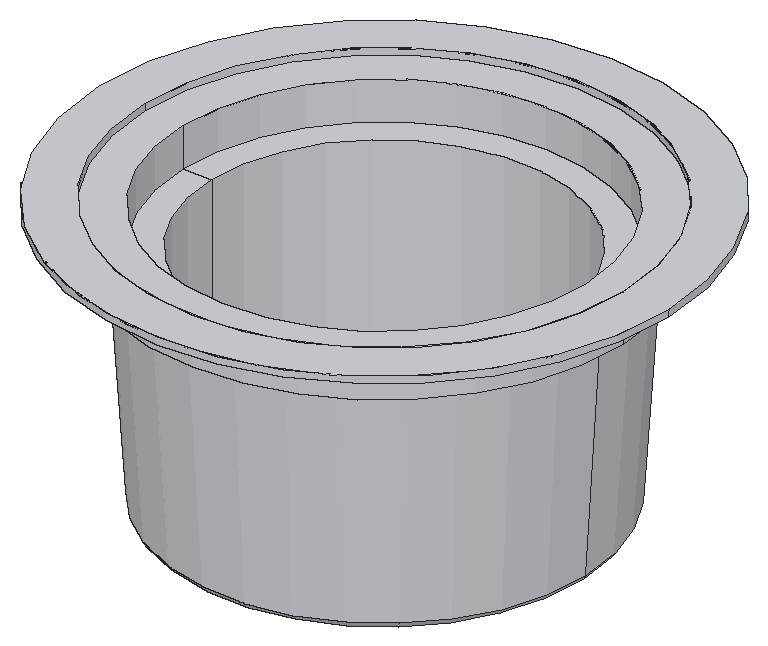
Revit family "Lighting-Terziario-GEWISS-ELIA-AL-LED_INCASSO_ACCENTO_D172", category Apparecchi per illuminazione, host Superficie, Revit 2019 (continued)
Types (16, lengths in mm): name | Temperatura di colore: | Temperatura di colore | Scheda Tecnica | Ottica | built-in parameter 1150142 | Lumen output (lm) | Model | IDT | File diagramma fotometrico | Description
  GWF1411MH830 - ELIA AL M2 30K 60° ST.ALONE DALI CRI80 | "3000K" | "3000K" | "https://www.gewiss.com/it/it/search?q=GWF1411MH830" | "60°" | "IESNA:LM-63-1995\r\n[TEST] 1\r\n[DATE] 27 Nov 2019\r\n[MANUFAC] GEWISS\r\n[LUMCAT] GWF1411MH830\r\n[LUMINAIRE] ELIA AL - M2 60° LED830 25W - DALI\r\n[FLASHAREA] 0.003065\r\n[LAMPCAT] LED 25W/2600lm\r\n[LAMP] LED 25W/2600lm\r\nTILT=NONE\r\n1 2600.00 1.0 91 4 1 2 -0.127 0.000 0.000\r\n1.00 1.00 25.00\r\n0.00 1.00 2.00 3.00 4.00 5.00 6.00 7.00 8.00 9.00 10.00 \r\n11.00 12.00 13.00 14.00 15.00 16.00 17.00 18.00 19.00 \r\n20.00 21.00 22.00 23.00 24.00 25.00 26.00 27.00 28.00 \r\n29.00 30.00 31.00 32.00 33.00 34.00 35.00 36.00 37.00 \r\n38.00 39.00 40.00 41.00 42.00 43.00 44.00 45.00 46.00 \r\n47.00 48.00 49.00 50.00 51.00 52.00 53.00 54.00 55.00 \r\n56.00 57.00 58.00 59.00 60.00 61.00 62.00 63.00 64.00 \r\n65.00 66.00 67.00 68.00 69.00 70.00 71.00 72.00 73.00 \r\n74.00 75.00 76.00 77.00 78.00 79.00 80.00 81.00 82.00 \r\n83.00 84.00 85.00 86.00 87.00 88.00 89.00 90.00 \r\n0.00 30.00 60.00 90.00 \r\n3096.60 3099.20 3103.10 3107.00 3108.30 3103.10 3092.70 \r\n3078.40 3064.10 3047.20 3031.60 3014.70 2991.30 2961.40 \r\n2925.00 2879.50 2821.00 2752.10 2674.10 2584.27 2487.42 \r\n2382.77 2271.49 2152.28 2028.26 1898.13 1765.53 1636.57 \r\n1503.06 1369.94 1239.94 1117.48 1006.85 907.14 817.18 \r\n736.19 663.00 597.61 537.81 482.43 431.34 383.76 339.56 \r\n297.18 256.91 216.91 178.45 141.12 107.28 80.47 59.34 \r\n42.39 28.95 20.07 13.74 8.87 5.65 3.70 2.91 2.47 2.16 \r\n1.94 1.70 1.49 1.35 1.23 1.15 1.09 1.03 0.98 0.91 0.88 \r\n0.83 0.79 0.72 0.67 0.61 0.55 0.48 0.39 0.31 0.23 0.15 \r\n0.07 0.00 0.00 0.00 0.00 0.00 0.00 0.00 \r\n3081.00 3083.60 3088.15 3090.10 3086.85 3079.70 3070.60 \r\n3058.90 3045.90 3030.30 3016.00 2996.50 2973.10 2941.25 \r\n2903.55 2857.40 2799.55 2731.30 2653.43 2566.72 2471.76 \r\n2368.80 2260.05 2144.29 2022.74 1895.79 1765.08 1634.04 \r\n1502.74 1370.59 1239.81 1119.37 1009.39 909.74 821.27 \r\n741.06 668.33 602.94 543.27 488.15 436.41 388.51 344.31 \r\n301.93 260.95 220.99 182.21 144.14 109.34 81.49 60.47 \r\n43.02 29.10 20.12 13.84 8.96 5.56 3.72 2.89 2.43 2.15 \r\n1.94 1.70 1.49 1.33 1.22 1.15 1.08 1.02 0.96 0.92 0.86 \r\n0.82 0.77 0.73 0.66 0.60 0.53 0.48 0.40 0.32 0.22 0.12 \r\n0.06 0.00 0.00 0.00 0.00 0.00 0.00 0.00 \r\n3081.00 3082.95 3087.50 3090.10 3086.85 3081.00 3068.00 \r\n3053.70 3039.40 3024.45 3010.15 2991.95 2967.90 2938.00 \r\n2900.30 2854.80 2797.60 2729.35 2651.55 2564.70 2469.87 \r\n2366.78 2257.78 2141.82 2019.49 1891.89 1761.57 1630.46 \r\n1501.95 1372.54 1242.61 1120.66 1009.97 909.94 821.27 \r\n741.33 669.44 604.44 545.22 491.01 438.88 390.84 347.75 \r\n304.98 262.92 222.76 183.33 144.90 109.20 81.33 60.95 \r\n43.03 29.24 20.21 13.94 9.05 5.49 3.80 2.89 2.45 2.18 \r\n1.96 1.73 1.52 1.34 1.23 1.18 1.10 1.04 0.99 0.93 0.88 \r\n0.82 0.78 0.73 0.67 0.62 0.55 0.49 0.41 0.33 0.24 0.14 \r\n0.04 0.00 0.00 0.00 0.00 0.00 0.00 0.00 \r\n3081.00 3082.30 3088.80 3091.40 3091.40 3083.60 3070.60 \r\n3053.70 3036.80 3021.20 3003.00 2986.10 2961.40 2932.80 \r\n2896.40 2849.60 2791.10 2723.50 2643.55 2558.01 2462.46 \r\n2359.63 2250.69 2135.51 2013.96 1886.82 1756.56 1625.00 \r\n1499.81 1370.59 1240.20 1118.39 1008.67 909.61 821.60 \r\n741.39 669.11 604.11 545.48 491.27 439.14 391.56 348.79 \r\n306.93 263.74 223.52 183.46 145.26 108.93 80.91 61.07 \r\n42.84 29.28 20.29 14.07 9.16 5.43 3.88 2.95 2.50 2.23 \r\n2.02 1.80 1.58 1.37 1.28 1.20 1.13 1.06 1.01 0.96 0.90 \r\n0.85 0.80 0.76 0.68 0.63 0.56 0.49 0.43 0.34 0.24 0.14 \r\n0.03 0.00 0.00 0.00 0.00 0.00 0.00 0.00 \r\n" | "2600" | "GWF1411MH830" | "b0ddcd0e-c707-4b01-86ee-1e3f9cc71c91" | "GWF1411MH830.IES" | "ELIA AL M2 30K 60° ST.ALONE DALI CRI80"
  GWF1411MH930 - ELIA AL M2 30K 60° ST.ALONE DALI CRI90 | "3000K" | "3000K" | "https://www.gewiss.com/it/it/search?q=GWF1411MH930" | "60°" | "IESNA:LM-63-1995\r\n[TEST] 1\r\n[DATE] 27 Nov 2019\r\n[MANUFAC] GEWISS\r\n[LUMCAT] GWF1411MH930\r\n[LUMINAIRE] ELIA AL - M2 60° LED930 25W - DALI\r\n[FLASHAREA] 0.003065\r\n[LAMPCAT] LED 25W/2200lm\r\n[LAMP] LED 25W/2200lm\r\nTILT=NONE\r\n1 2200.00 1.0 91 4 1 2 -0.127 0.000 0.000\r\n1.00 1.00 25.00\r\n0.00 1.00 2.00 3.00 4.00 5.00 6.00 7.00 8.00 9.00 10.00 \r\n11.00 12.00 13.00 14.00 15.00 16.00 17.00 18.00 19.00 \r\n20.00 21.00 22.00 23.00 24.00 25.00 26.00 27.00 28.00 \r\n29.00 30.00 31.00 32.00 33.00 34.00 35.00 36.00 37.00 \r\n38.00 39.00 40.00 41.00 42.00 43.00 44.00 45.00 46.00 \r\n47.00 48.00 49.00 50.00 51.00 52.00 53.00 54.00 55.00 \r\n56.00 57.00 58.00 59.00 60.00 61.00 62.00 63.00 64.00 \r\n65.00 66.00 67.00 68.00 69.00 70.00 71.00 72.00 73.00 \r\n74.00 75.00 76.00 77.00 78.00 79.00 80.00 81.00 82.00 \r\n83.00 84.00 85.00 86.00 87.00 88.00 89.00 90.00 \r\n0.00 30.00 60.00 90.00 \r\n2620.20 2622.40 2625.70 2629.00 2630.10 2625.70 2616.90 \r\n2604.80 2592.70 2578.40 2565.20 2550.90 2531.10 2505.80 \r\n2475.00 2436.50 2387.00 2328.70 2262.70 2186.69 2104.74 \r\n2016.19 1922.03 1821.16 1716.22 1606.11 1493.91 1384.79 \r\n1271.82 1159.18 1049.18 945.56 851.95 767.58 691.46 \r\n622.93 561.00 505.67 455.07 408.21 364.98 324.72 287.32 \r\n251.46 217.38 183.53 151.00 119.41 90.77 68.09 50.22 \r\n35.87 24.49 16.98 11.62 7.50 4.78 3.13 2.46 2.09 1.83 \r\n1.64 1.44 1.26 1.14 1.04 0.97 0.92 0.87 0.83 0.77 0.75 \r\n0.70 0.67 0.61 0.57 0.52 0.46 0.40 0.33 0.26 0.20 0.12 \r\n0.06 0.00 0.00 0.00 0.00 0.00 0.00 0.00 \r\n2607.00 2609.20 2613.05 2614.70 2611.95 2605.90 2598.20 \r\n2588.30 2577.30 2564.10 2552.00 2535.50 2515.70 2488.75 \r\n2456.85 2417.80 2368.85 2311.10 2245.21 2171.84 2091.49 \r\n2004.37 1912.35 1814.40 1711.55 1604.13 1493.53 1382.65 \r\n1271.55 1159.73 1049.07 947.15 854.10 769.78 694.93 \r\n627.05 565.51 510.18 459.69 413.05 369.27 328.74 291.34 \r\n255.48 220.80 186.99 154.18 121.97 92.52 68.95 51.17 \r\n36.40 24.63 17.02 11.71 7.58 4.70 3.14 2.45 2.05 1.82 \r\n1.64 1.44 1.26 1.12 1.03 0.97 0.91 0.86 0.81 0.77 0.73 \r\n0.69 0.65 0.61 0.56 0.50 0.45 0.40 0.34 0.27 0.19 0.11 \r\n0.05 0.00 0.00 0.00 0.00 0.00 0.00 0.00 \r\n2607.00 2608.65 2612.50 2614.70 2611.95 2607.00 2596.00 \r\n2583.90 2571.80 2559.15 2547.05 2531.65 2511.30 2486.00 \r\n2454.10 2415.60 2367.20 2309.45 2243.62 2170.14 2089.89 \r\n2002.66 1910.43 1812.31 1708.80 1600.83 1490.56 1379.62 \r\n1270.88 1161.38 1051.44 948.25 854.59 769.95 694.93 \r\n627.28 566.45 511.45 461.34 415.47 371.36 330.71 294.25 \r\n258.06 222.47 188.49 155.12 122.61 92.40 68.82 51.57 \r\n36.41 24.74 17.10 11.80 7.66 4.64 3.22 2.45 2.07 1.85 \r\n1.66 1.47 1.29 1.14 1.04 0.99 0.93 0.88 0.83 0.79 0.74 \r\n0.70 0.66 0.62 0.57 0.53 0.47 0.41 0.35 0.28 0.20 0.12 \r\n0.03 0.00 0.00 0.00 0.00 0.00 0.00 0.00 \r\n2607.00 2608.10 2613.60 2615.80 2615.80 2609.20 2598.20 \r\n2583.90 2569.60 2556.40 2541.00 2526.70 2505.80 2481.60 \r\n2450.80 2411.20 2361.70 2304.50 2236.85 2164.47 2083.62 \r\n1996.61 1904.43 1806.97 1704.12 1596.54 1486.32 1375.00 \r\n1269.07 1159.73 1049.40 946.33 853.49 769.67 695.20 \r\n627.33 566.17 511.17 461.56 415.69 371.58 331.32 295.13 \r\n259.71 223.17 189.13 155.23 122.91 92.17 68.46 51.68 \r\n36.25 24.77 17.17 11.91 7.75 4.60 3.28 2.49 2.12 1.89 \r\n1.71 1.52 1.34 1.16 1.08 1.02 0.96 0.90 0.85 0.81 0.76 \r\n0.72 0.68 0.64 0.58 0.53 0.47 0.41 0.36 0.29 0.21 0.12 \r\n0.02 0.00 0.00 0.00 0.00 0.00 0.00 0.00 \r\n" | "2340" | "GWF1411MH930" | "6cc3aece-cdcd-4d8c-b22f-51e606a931f1" | "GWF1411MH930.IES" | "ELIA AL M2 30K 60° ST.ALONE DALI CRI90"
  GWF1410MH830 - ELIA AL M2 30K 60° ST.ALONE ON/OFF CRI80 | "3000K" | "3000K" | "https://www.gewiss.com/it/it/search?q=GWF1410MH830" | "60°" | "IESNA:LM-63-1995\r\n[TEST] 1\r\n[DATE] 27 Nov 2019\r\n[MANUFAC] GEWISS\r\n[LUMCAT] GWF1410MH830\r\n[LUMINAIRE] ELIA AL - M2 60° LED830 25W\r\n[FLASHAREA] 0.003065\r\n[LAMPCAT] LED 25W/2600lm\r\n[LAMP] LED 25W/2600lm\r\nTILT=NONE\r\n1 2600.00 1.0 91 4 1 2 -0.127 0.000 0.000\r\n1.00 1.00 25.00\r\n0.00 1.00 2.00 3.00 4.00 5.00 6.00 7.00 8.00 9.00 10.00 \r\n11.00 12.00 13.00 14.00 15.00 16.00 17.00 18.00 19.00 \r\n20.00 21.00 22.00 23.00 24.00 25.00 26.00 27.00 28.00 \r\n29.00 30.00 31.00 32.00 33.00 34.00 35.00 36.00 37.00 \r\n38.00 39.00 40.00 41.00 42.00 43.00 44.00 45.00 46.00 \r\n47.00 48.00 49.00 50.00 51.00 52.00 53.00 54.00 55.00 \r\n56.00 57.00 58.00 59.00 60.00 61.00 62.00 63.00 64.00 \r\n65.00 66.00 67.00 68.00 69.00 70.00 71.00 72.00 73.00 \r\n74.00 75.00 76.00 77.00 78.00 79.00 80.00 81.00 82.00 \r\n83.00 84.00 85.00 86.00 87.00 88.00 89.00 90.00 \r\n0.00 30.00 60.00 90.00 \r\n3096.60 3099.20 3103.10 3107.00 3108.30 3103.10 3092.70 \r\n3078.40 3064.10 3047.20 3031.60 3014.70 2991.30 2961.40 \r\n2925.00 2879.50 2821.00 2752.10 2674.10 2584.27 2487.42 \r\n2382.77 2271.49 2152.28 2028.26 1898.13 1765.53 1636.57 \r\n1503.06 1369.94 1239.94 1117.48 1006.85 907.14 817.18 \r\n736.19 663.00 597.61 537.81 482.43 431.34 383.76 339.56 \r\n297.18 256.91 216.91 178.45 141.12 107.28 80.47 59.34 \r\n42.39 28.95 20.07 13.74 8.87 5.65 3.70 2.91 2.47 2.16 \r\n1.94 1.70 1.49 1.35 1.23 1.15 1.09 1.03 0.98 0.91 0.88 \r\n0.83 0.79 0.72 0.67 0.61 0.55 0.48 0.39 0.31 0.23 0.15 \r\n0.07 0.00 0.00 0.00 0.00 0.00 0.00 0.00 \r\n3081.00 3083.60 3088.15 3090.10 3086.85 3079.70 3070.60 \r\n3058.90 3045.90 3030.30 3016.00 2996.50 2973.10 2941.25 \r\n2903.55 2857.40 2799.55 2731.30 2653.43 2566.72 2471.76 \r\n2368.80 2260.05 2144.29 2022.74 1895.79 1765.08 1634.04 \r\n1502.74 1370.59 1239.81 1119.37 1009.39 909.74 821.27 \r\n741.06 668.33 602.94 543.27 488.15 436.41 388.51 344.31 \r\n301.93 260.95 220.99 182.21 144.14 109.34 81.49 60.47 \r\n43.02 29.10 20.12 13.84 8.96 5.56 3.72 2.89 2.43 2.15 \r\n1.94 1.70 1.49 1.33 1.22 1.15 1.08 1.02 0.96 0.92 0.86 \r\n0.82 0.77 0.73 0.66 0.60 0.53 0.48 0.40 0.32 0.22 0.12 \r\n0.06 0.00 0.00 0.00 0.00 0.00 0.00 0.00 \r\n3081.00 3082.95 3087.50 3090.10 3086.85 3081.00 3068.00 \r\n3053.70 3039.40 3024.45 3010.15 2991.95 2967.90 2938.00 \r\n2900.30 2854.80 2797.60 2729.35 2651.55 2564.70 2469.87 \r\n2366.78 2257.78 2141.82 2019.49 1891.89 1761.57 1630.46 \r\n1501.95 1372.54 1242.61 1120.66 1009.97 909.94 821.27 \r\n741.33 669.44 604.44 545.22 491.01 438.88 390.84 347.75 \r\n304.98 262.92 222.76 183.33 144.90 109.20 81.33 60.95 \r\n43.03 29.24 20.21 13.94 9.05 5.49 3.80 2.89 2.45 2.18 \r\n1.96 1.73 1.52 1.34 1.23 1.18 1.10 1.04 0.99 0.93 0.88 \r\n0.82 0.78 0.73 0.67 0.62 0.55 0.49 0.41 0.33 0.24 0.14 \r\n0.04 0.00 0.00 0.00 0.00 0.00 0.00 0.00 \r\n3081.00 3082.30 3088.80 3091.40 3091.40 3083.60 3070.60 \r\n3053.70 3036.80 3021.20 3003.00 2986.10 2961.40 2932.80 \r\n2896.40 2849.60 2791.10 2723.50 2643.55 2558.01 2462.46 \r\n2359.63 2250.69 2135.51 2013.96 1886.82 1756.56 1625.00 \r\n1499.81 1370.59 1240.20 1118.39 1008.67 909.61 821.60 \r\n741.39 669.11 604.11 545.48 491.27 439.14 391.56 348.79 \r\n306.93 263.74 223.52 183.46 145.26 108.93 80.91 61.07 \r\n42.84 29.28 20.29 14.07 9.16 5.43 3.88 2.95 2.50 2.23 \r\n2.02 1.80 1.58 1.37 1.28 1.20 1.13 1.06 1.01 0.96 0.90 \r\n0.85 0.80 0.76 0.68 0.63 0.56 0.49 0.43 0.34 0.24 0.14 \r\n0.03 0.00 0.00 0.00 0.00 0.00 0.00 0.00 \r\n" | "2600" | "GWF1410MH830" | "f46e95f1-9e0d-4ac2-b24f-ed060d1a1849" | "GWF1410MH830.IES" | "ELIA AL M2 30K 60° ST.ALONE ON/OFF CRI80"
  GWF1410MH930 - ELIA AL M2 30K 60° ST.ALONE ON/OFF CRI90 | "3000K" | "3000K" | "https://www.gewiss.com/it/it/search?q=GWF1410MH930" | "60°" | "IESNA:LM-63-1995\r\n[TEST] 1\r\n[DATE] 27 Nov 2019\r\n[MANUFAC] GEWISS\r\n[LUMCAT] GWF1410MH930\r\n[LUMINAIRE] ELIA AL - M2 60° LED930 25W\r\n[FLASHAREA] 0.003065\r\n[LAMPCAT] LED 25W/2200lm\r\n[LAMP] LED 25W/2200lm\r\nTILT=NONE\r\n1 2200.00 1.0 91 4 1 2 -0.127 0.000 0.000\r\n1.00 1.00 25.00\r\n0.00 1.00 2.00 3.00 4.00 5.00 6.00 7.00 8.00 9.00 10.00 \r\n11.00 12.00 13.00 14.00 15.00 16.00 17.00 18.00 19.00 \r\n20.00 21.00 22.00 23.00 24.00 25.00 26.00 27.00 28.00 \r\n29.00 30.00 31.00 32.00 33.00 34.00 35.00 36.00 37.00 \r\n38.00 39.00 40.00 41.00 42.00 43.00 44.00 45.00 46.00 \r\n47.00 48.00 49.00 50.00 51.00 52.00 53.00 54.00 55.00 \r\n56.00 57.00 58.00 59.00 60.00 61.00 62.00 63.00 64.00 \r\n65.00 66.00 67.00 68.00 69.00 70.00 71.00 72.00 73.00 \r\n74.00 75.00 76.00 77.00 78.00 79.00 80.00 81.00 82.00 \r\n83.00 84.00 85.00 86.00 87.00 88.00 89.00 90.00 \r\n0.00 30.00 60.00 90.00 \r\n2620.20 2622.40 2625.70 2629.00 2630.10 2625.70 2616.90 \r\n2604.80 2592.70 2578.40 2565.20 2550.90 2531.10 2505.80 \r\n2475.00 2436.50 2387.00 2328.70 2262.70 2186.69 2104.74 \r\n2016.19 1922.03 1821.16 1716.22 1606.11 1493.91 1384.79 \r\n1271.82 1159.18 1049.18 945.56 851.95 767.58 691.46 \r\n622.93 561.00 505.67 455.07 408.21 364.98 324.72 287.32 \r\n251.46 217.38 183.53 151.00 119.41 90.77 68.09 50.22 \r\n35.87 24.49 16.98 11.62 7.50 4.78 3.13 2.46 2.09 1.83 \r\n1.64 1.44 1.26 1.14 1.04 0.97 0.92 0.87 0.83 0.77 0.75 \r\n0.70 0.67 0.61 0.57 0.52 0.46 0.40 0.33 0.26 0.20 0.12 \r\n0.06 0.00 0.00 0.00 0.00 0.00 0.00 0.00 \r\n2607.00 2609.20 2613.05 2614.70 2611.95 2605.90 2598.20 \r\n2588.30 2577.30 2564.10 2552.00 2535.50 2515.70 2488.75 \r\n2456.85 2417.80 2368.85 2311.10 2245.21 2171.84 2091.49 \r\n2004.37 1912.35 1814.40 1711.55 1604.13 1493.53 1382.65 \r\n1271.55 1159.73 1049.07 947.15 854.10 769.78 694.93 \r\n627.05 565.51 510.18 459.69 413.05 369.27 328.74 291.34 \r\n255.48 220.80 186.99 154.18 121.97 92.52 68.95 51.17 \r\n36.40 24.63 17.02 11.71 7.58 4.70 3.14 2.45 2.05 1.82 \r\n1.64 1.44 1.26 1.12 1.03 0.97 0.91 0.86 0.81 0.77 0.73 \r\n0.69 0.65 0.61 0.56 0.50 0.45 0.40 0.34 0.27 0.19 0.11 \r\n0.05 0.00 0.00 0.00 0.00 0.00 0.00 0.00 \r\n2607.00 2608.65 2612.50 2614.70 2611.95 2607.00 2596.00 \r\n2583.90 2571.80 2559.15 2547.05 2531.65 2511.30 2486.00 \r\n2454.10 2415.60 2367.20 2309.45 2243.62 2170.14 2089.89 \r\n2002.66 1910.43 1812.31 1708.80 1600.83 1490.56 1379.62 \r\n1270.88 1161.38 1051.44 948.25 854.59 769.95 694.93 \r\n627.28 566.45 511.45 461.34 415.47 371.36 330.71 294.25 \r\n258.06 222.47 188.49 155.12 122.61 92.40 68.82 51.57 \r\n36.41 24.74 17.10 11.80 7.66 4.64 3.22 2.45 2.07 1.85 \r\n1.66 1.47 1.29 1.14 1.04 0.99 0.93 0.88 0.83 0.79 0.74 \r\n0.70 0.66 0.62 0.57 0.53 0.47 0.41 0.35 0.28 0.20 0.12 \r\n0.03 0.00 0.00 0.00 0.00 0.00 0.00 0.00 \r\n2607.00 2608.10 2613.60 2615.80 2615.80 2609.20 2598.20 \r\n2583.90 2569.60 2556.40 2541.00 2526.70 2505.80 2481.60 \r\n2450.80 2411.20 2361.70 2304.50 2236.85 2164.47 2083.62 \r\n1996.61 1904.43 1806.97 1704.12 1596.54 1486.32 1375.00 \r\n1269.07 1159.73 1049.40 946.33 853.49 769.67 695.20 \r\n627.33 566.17 511.17 461.56 415.69 371.58 331.32 295.13 \r\n259.71 223.17 189.13 155.23 122.91 92.17 68.46 51.68 \r\n36.25 24.77 17.17 11.91 7.75 4.60 3.28 2.49 2.12 1.89 \r\n1.71 1.52 1.34 1.16 1.08 1.02 0.96 0.90 0.85 0.81 0.76 \r\n0.72 0.68 0.64 0.58 0.53 0.47 0.41 0.36 0.29 0.21 0.12 \r\n0.02 0.00 0.00 0.00 0.00 0.00 0.00 0.00 \r\n" | "2340" | "GWF1410MH930" | "137e43eb-852c-4f0a-ac96-64e9f1c54054" | "GWF1410MH930.IES" | "ELIA AL M2 30K 60° ST.ALONE ON/OFF CRI90"
  GWF1411MG840 - ELIA AL M2 40K 36° ST.ALONE DALI CRI80 | "4000K" | "4000K" | "https://www.gewiss.com/it/it/search?q=GWF1411MG840" | "36°" | "IESNA:LM-63-1995\r\n[TEST] 1\r\n[DATE] 27 Nov 2019\r\n[MANUFAC] GEWISS\r\n[LUMCAT] GWF1411MG840\r\n[LUMINAIRE] ELIA AL - M2 36° LED840 25W - DALI\r\n[FLASHAREA] 0.003065\r\n[LAMPCAT] LED 25W/2700lm\r\n[LAMP] LED 25W/2700lm\r\nTILT=NONE\r\n1 2700.00 1.0 91 4 1 2 -0.127 0.000 0.000\r\n1.00 1.00 25.00\r\n0.00 1.00 2.00 3.00 4.00 5.00 6.00 7.00 8.00 9.00 10.00 \r\n11.00 12.00 13.00 14.00 15.00 16.00 17.00 18.00 19.00 \r\n20.00 21.00 22.00 23.00 24.00 25.00 26.00 27.00 28.00 \r\n29.00 30.00 31.00 32.00 33.00 34.00 35.00 36.00 37.00 \r\n38.00 39.00 40.00 41.00 42.00 43.00 44.00 45.00 46.00 \r\n47.00 48.00 49.00 50.00 51.00 52.00 53.00 54.00 55.00 \r\n56.00 57.00 58.00 59.00 60.00 61.00 62.00 63.00 64.00 \r\n65.00 66.00 67.00 68.00 69.00 70.00 71.00 72.00 73.00 \r\n74.00 75.00 76.00 77.00 78.00 79.00 80.00 81.00 82.00 \r\n83.00 84.00 85.00 86.00 87.00 88.00 89.00 90.00 \r\n0.00 30.00 60.00 90.00 \r\n5832.00 5814.45 5775.30 5721.30 5655.15 5564.70 5443.20 \r\n5314.95 5157.00 4982.85 4792.50 4579.20 4351.05 4108.05 \r\n3854.25 3600.45 3335.85 3075.57 2820.15 2575.26 2339.95 \r\n2122.47 1922.81 1731.38 1566.95 1418.31 1284.26 1167.75 \r\n1062.72 969.44 886.82 812.84 745.88 684.99 630.72 581.18 \r\n533.12 489.92 449.01 411.35 372.46 336.56 300.83 263.17 \r\n225.02 186.33 148.61 116.72 89.41 64.10 43.72 30.92 22.87 \r\n15.53 10.53 7.77 6.10 4.93 4.04 3.34 2.83 2.43 2.06 1.83 \r\n1.65 1.48 1.40 1.32 1.25 1.19 1.11 1.06 0.98 0.92 0.86 \r\n0.78 0.72 0.65 0.55 0.45 0.33 0.21 0.14 0.06 0.00 0.00 \r\n0.00 0.00 0.00 0.00 0.00 \r\n5811.75 5800.95 5761.80 5711.85 5636.93 5550.53 5436.45 \r\n5306.85 5153.63 4974.75 4779.00 4564.35 4336.20 4093.88 \r\n3846.15 3591.00 3330.45 3071.32 2817.52 2569.79 2338.07 \r\n2119.30 1920.24 1737.65 1569.78 1420.54 1287.56 1169.57 \r\n1064.95 972.27 889.18 816.55 751.75 692.41 639.70 590.42 \r\n545.74 501.86 462.11 424.37 386.44 349.62 313.90 274.18 \r\n235.14 194.60 154.31 118.61 88.18 62.23 42.57 29.84 21.30 \r\n13.99 9.71 7.34 5.83 4.78 3.97 3.34 2.84 2.42 2.05 1.81 \r\n1.65 1.51 1.41 1.35 1.30 1.20 1.13 1.07 1.00 0.95 0.86 \r\n0.80 0.72 0.64 0.54 0.44 0.34 0.20 0.10 0.06 0.00 0.00 \r\n0.00 0.00 0.00 0.00 0.00 \r\n5813.10 5799.60 5767.88 5713.20 5644.35 5555.93 5447.25 \r\n5310.90 5159.03 4976.78 4781.70 4565.03 4334.85 4096.57 \r\n3848.85 3593.70 3334.50 3075.71 2820.28 2578.23 2344.28 \r\n2127.40 1930.50 1748.52 1582.07 1431.81 1297.55 1178.95 \r\n1072.91 980.30 898.09 825.80 762.01 704.84 653.94 607.03 \r\n563.69 522.32 482.63 444.08 407.77 370.52 333.02 293.34 \r\n251.96 208.39 163.67 121.34 85.79 60.01 42.04 28.82 18.63 \r\n12.31 8.98 7.04 5.71 4.71 3.96 3.37 2.84 2.38 2.04 1.83 \r\n1.66 1.55 1.46 1.39 1.31 1.23 1.16 1.10 1.03 0.95 0.90 \r\n0.82 0.75 0.66 0.57 0.46 0.33 0.24 0.16 0.07 0.00 0.00 \r\n0.00 0.00 0.00 0.00 0.00 \r\n5813.10 5798.25 5769.90 5717.25 5643.00 5555.25 5443.20 \r\n5305.50 5151.60 4982.85 4781.70 4564.35 4336.20 4094.55 \r\n3847.50 3596.40 3337.20 3079.35 2824.61 2579.45 2350.35 \r\n2137.05 1941.98 1752.84 1586.93 1436.27 1301.81 1182.20 \r\n1077.44 983.34 900.18 827.69 765.32 709.56 660.01 611.01 \r\n568.89 528.39 488.16 450.36 414.45 377.70 339.34 299.12 \r\n256.59 211.92 164.25 118.69 80.62 56.82 41.93 27.93 17.13 \r\n11.67 8.83 6.98 5.71 4.74 4.01 3.42 2.88 2.39 2.08 1.81 \r\n1.68 1.57 1.49 1.41 1.33 1.27 1.19 1.11 1.06 1.00 0.90 \r\n0.84 0.76 0.67 0.58 0.48 0.35 0.26 0.18 0.04 0.00 0.00 \r\n0.00 0.00 0.00 0.00 0.00 \r\n" | "2700" | "GWF1411MG840" | "5d72335e-046a-49ce-8689-fb5d9b45ae87" | "GWF1411MG840.IES" | "ELIA AL M2 40K 36° ST.ALONE DALI CRI80"
  GWF1411MG940 - ELIA AL M2 40K 36° ST.ALONE DALI CRI90 | "4000K" | "4000K" | "https://www.gewiss.com/it/it/search?q=GWF1411MG940" | "36°" | "IESNA:LM-63-1995\r\n[TEST] 1\r\n[DATE] 27 Nov 2019\r\n[MANUFAC] GEWISS\r\n[LUMCAT] GWF1411MG940\r\n[LUMINAIRE] ELIA AL - M2 36° LED940 25W - DALI\r\n[FLASHAREA] 0.003065\r\n[LAMPCAT] LED 25W/2300lm\r\n[LAMP] LED 25W/2300lm\r\nTILT=NONE\r\n1 2300.00 1.0 91 4 1 2 -0.127 0.000 0.000\r\n1.00 1.00 25.00\r\n0.00 1.00 2.00 3.00 4.00 5.00 6.00 7.00 8.00 9.00 10.00 \r\n11.00 12.00 13.00 14.00 15.00 16.00 17.00 18.00 19.00 \r\n20.00 21.00 22.00 23.00 24.00 25.00 26.00 27.00 28.00 \r\n29.00 30.00 31.00 32.00 33.00 34.00 35.00 36.00 37.00 \r\n38.00 39.00 40.00 41.00 42.00 43.00 44.00 45.00 46.00 \r\n47.00 48.00 49.00 50.00 51.00 52.00 53.00 54.00 55.00 \r\n56.00 57.00 58.00 59.00 60.00 61.00 62.00 63.00 64.00 \r\n65.00 66.00 67.00 68.00 69.00 70.00 71.00 72.00 73.00 \r\n74.00 75.00 76.00 77.00 78.00 79.00 80.00 81.00 82.00 \r\n83.00 84.00 85.00 86.00 87.00 88.00 89.00 90.00 \r\n0.00 30.00 60.00 90.00 \r\n4968.00 4953.05 4919.70 4873.70 4817.35 4740.30 4636.80 \r\n4527.55 4393.00 4244.65 4082.50 3900.80 3706.45 3499.45 \r\n3283.25 3067.05 2841.65 2619.93 2402.35 2193.74 1993.29 \r\n1808.03 1637.94 1474.87 1334.80 1208.19 1093.99 994.75 \r\n905.28 825.81 755.43 692.41 635.38 583.51 537.28 495.07 \r\n454.13 417.33 382.49 350.40 317.28 286.69 256.27 224.18 \r\n191.68 158.72 126.59 99.43 76.16 54.60 37.24 26.34 19.49 \r\n13.23 8.97 6.62 5.20 4.20 3.44 2.84 2.41 2.07 1.75 1.56 \r\n1.41 1.26 1.19 1.13 1.06 1.02 0.95 0.90 0.83 0.78 0.73 \r\n0.67 0.62 0.55 0.47 0.38 0.28 0.18 0.12 0.05 0.00 0.00 \r\n0.00 0.00 0.00 0.00 0.00 \r\n4950.75 4941.55 4908.20 4865.65 4801.82 4728.22 4631.05 \r\n4520.65 4390.13 4237.75 4071.00 3888.15 3693.80 3487.37 \r\n3276.35 3059.00 2837.05 2616.31 2400.11 2189.08 1991.68 \r\n1805.33 1635.76 1480.22 1337.22 1210.09 1096.81 996.30 \r\n907.18 828.23 757.45 695.58 640.38 589.83 544.93 502.95 \r\n464.89 427.51 393.64 361.50 329.19 297.82 267.40 233.56 \r\n200.30 165.77 131.44 101.04 75.12 53.01 36.27 25.42 18.15 \r\n11.92 8.27 6.25 4.97 4.08 3.38 2.84 2.42 2.06 1.75 1.54 \r\n1.40 1.28 1.21 1.15 1.11 1.02 0.97 0.91 0.85 0.81 0.73 \r\n0.68 0.62 0.55 0.46 0.37 0.29 0.17 0.09 0.05 0.00 0.00 \r\n0.00 0.00 0.00 0.00 0.00 \r\n4951.90 4940.40 4913.38 4866.80 4808.15 4732.82 4640.25 \r\n4524.10 4394.72 4239.47 4073.30 3888.72 3692.65 3489.67 \r\n3278.65 3061.30 2840.50 2620.05 2402.46 2196.27 1996.97 \r\n1812.23 1644.50 1489.48 1347.68 1219.69 1105.32 1004.29 \r\n913.96 835.07 765.04 703.46 649.12 600.41 557.06 517.10 \r\n480.18 444.93 411.12 378.29 347.36 315.63 283.69 249.88 \r\n214.64 177.52 139.43 103.36 73.08 51.12 35.81 24.55 15.87 \r\n10.49 7.65 6.00 4.86 4.02 3.37 2.87 2.42 2.03 1.74 1.56 \r\n1.41 1.32 1.25 1.18 1.11 1.05 0.99 0.94 0.88 0.81 0.76 \r\n0.70 0.64 0.56 0.49 0.40 0.28 0.20 0.13 0.06 0.00 0.00 \r\n0.00 0.00 0.00 0.00 0.00 \r\n4951.90 4939.25 4915.10 4870.25 4807.00 4732.25 4636.80 \r\n4519.50 4388.40 4244.65 4073.30 3888.15 3693.80 3487.95 \r\n3277.50 3063.60 2842.80 2623.15 2406.14 2197.30 2002.15 \r\n1820.45 1654.27 1493.16 1351.82 1223.48 1108.94 1007.05 \r\n917.81 837.66 766.82 705.06 651.93 604.44 562.23 520.49 \r\n484.61 450.11 415.84 383.64 353.05 321.75 289.06 254.81 \r\n218.58 180.53 139.92 101.11 68.68 48.40 35.72 23.79 14.59 \r\n9.94 7.53 5.95 4.86 4.04 3.41 2.91 2.45 2.04 1.78 1.55 \r\n1.43 1.34 1.27 1.20 1.13 1.08 1.01 0.95 0.90 0.85 0.77 \r\n0.72 0.65 0.57 0.50 0.41 0.30 0.22 0.16 0.03 0.00 0.00 \r\n0.00 0.00 0.00 0.00 0.00 \r\n" | "2430" | "GWF1411MG940" | "1f1e4619-80e1-4da6-beb9-bc99a6c017d3" | "GWF1411MG940.IES" | "ELIA AL M2 40K 36° ST.ALONE DALI CRI90"
